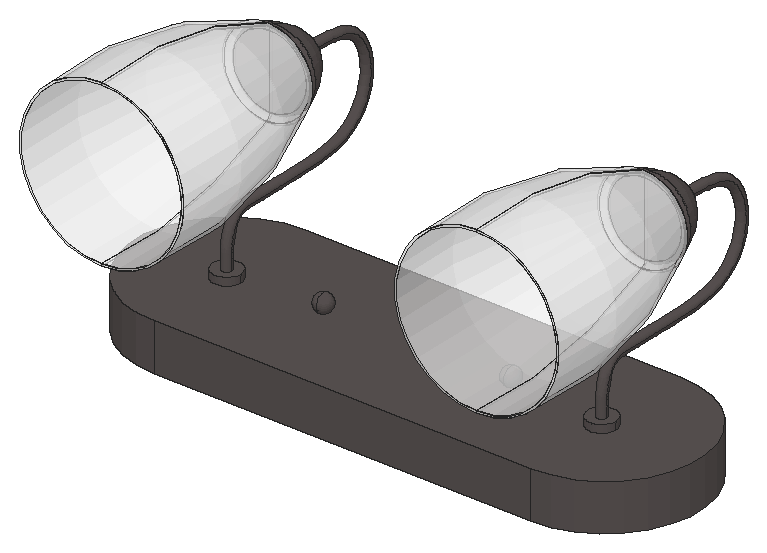
Revit family "P2707-20 2-100W MED BATH BRACKET", category Lighting Fixtures, host Face, Revit 2012
Parameters (values of type "P2707-20 2-100W MED BATH BRACKET")
  Wattage Comments = "13 W"  # constant formula
  URL = "http://www.progresslighting.com/"
  Product Page URL = "http://www.progresslighting.com/products.aspx?product=P2707-20"
  Product Documentation Link = "http://www.progresslighting.com/SpecSheets/P2707.pdf"
  Mounting = "Wall Mount"  # constant formula
  Model = "P2707-20"  # constant formula
  Manufacturer Phone = "864-678-1000"  # constant formula
  Manufacturer Fax = "864-678-1000"  # constant formula
  Manufacturer = "Progress Lighting"  # constant formula
  Lamp = "Two"  # constant formula
  Glass = Ethed Glass Shade
  Description = "Two-light bath"  # constant formula
  Default Elevation = 48"
  Back Plate = Painted Antique Bronze
Reference planes (in)
  plane 1 "Center (Front/Back)": y = 0
  plane 2: z = 0
  plane 3 "Center (Left/Right)": x = 0
  plane 4: x = -6
  plane 5: x = 6
  plane 6: y = 2
  plane 7: y = -1.992
  plane 8: z = 1
  plane 9: x = 2
Forms (in)
  Extrusion 1, solid, material "Painted Antique Bronze" <- "Back Plate"
    sketch origin (0, 0.53536, 0) x (1, 0, 0) y (0, 1, 0)
      loop
        arc (-4.00504, 1.46464) -> (-6.00104, -0.53136) -> (-4.00504, -2.52735) r 1.996
        line (-4.00504, -2.52735) -> (4.00561, -2.52735)
        arc (4.00561, -2.52735) -> (6.00161, -0.53136) -> (4.00561, 1.46464) r 1.996
        line (4.00561, 1.46464) -> (-4.00504, 1.46464)
    from 0 to 1
  Revolve 2, solid, material "Painted Antique Bronze" <- "Back Plate"
    sketch origin (2, 5.41297, 48) x (0, 1, 0) y (0, 0, 1)
      loop
        arc (-5.41297, -47) -> (-5.22547, -46.8125) -> (-5.41297, -46.625) r 0.1875
        line (-5.41297, -46.625) -> (-5.41297, -47)
      axis (-5.41297, -46.625) -> (-5.41297, -47)
    angle from 0 to 360
  Revolve 3, solid, material "Painted Antique Bronze" <- "Back Plate"
    sketch origin (-2, 5.41297, 48) x (0, 1, 0) y (0, 0, -1)
      loop
        line (-5.41297, 47) -> (-5.41297, 46.625)
        arc (-5.41297, 46.625) -> (-5.22547, 46.8125) -> (-5.41297, 47) r 0.1875
      axis (-5.41297, 46.625) -> (-5.41297, 47)
    angle from 0 to 360
Dimensions and locks (in)
  locked: plane 4 to plane 3 "Center (Left/Right)" at 6
  locked: plane 5 to plane 3 "Center (Left/Right)" at 6
  plane 6 to plane 1 "Center (Front/Back)" = 2"
  plane 4 to plane 3 "Center (Left/Right)" = 6"
  locked: plane 8 to plane 2 at 1
  Extrusion 1 sketch curve to plane 4 = 1.99496"
  Extrusion 1 sketch curve to plane 1 "Center (Front/Back)" = 2"
  Extrusion 1 sketch curve to Extrusion 1 sketch curve = 8.01065"  (x2)
  plane 7 to Extrusion 1 sketch curve = 3.992"
  locked: plane 1 "Center (Front/Back)" to Extrusion 1 at 2  (x2)
  locked: nested 1 to plane 3 "Center (Left/Right)" at 4  (x3)
  locked: nested 2 to plane 5 at 2  (x3)
  locked: nested 1 to plane 4 at 2
  plane 5 to nested 2 = 2"
  plane 1 "Center (Front/Back)" to Extrusion 1 = 2"
  locked: plane 6 to Extrusion 1 sketch curve at 3.992
  plane 1 "Center (Front/Back)" to nested 2 = 0"
  locked: plane 1 "Center (Front/Back)" to nested 1 at 0
  nested 1 to plane 1 "Center (Front/Back)" = 0"
  nested 2 to plane 1 "Center (Front/Back)" = 0"
  radius of Extrusion 1 sketch curve = 1.996"  (x2)
  aligned and locked: plane 2 to host face
  aligned and locked: level to host face
  aligned and locked: plane 8 to Extrusion 1
  aligned and locked: Extrusion 1 to host face
  aligned and locked: plane 6 to Extrusion 1 sketch curve
  aligned and locked: plane 7 to Extrusion 1 sketch curve
  aligned and locked: plane 1 "Center (Front/Back)" to Revolve 2 sketch curve
Nested families (in)
  nested 1: "P2706" at (-4, 0, 1), type "P2706"
  nested 2: "P2706" at (4, 0, 1), type "P2706"
Connectors (in)
  electrical at (0, 0.53536, 0)
    settings: on Extrusion 1, index 1, voltage 0 V, apparent load 0 VA, apparent load phase1 0 VA, apparent load phase2 0 VA, apparent load phase3 0 VA, power factor 1, load classification "Other", number of poles 1, system type 31, power factor state 1, is connector primary yes, connector utility no, sub classification motor no, connector description ""
Definition of nested family "P2706"
  Parameters (values of type "P2706")
    Wattage = 9.2903 W
    built-in parameter 1150110 = 1 (stored number, unit not read)
    built-in parameter 1114217 = 1 (stored number, unit not read)
    built-in parameter 1150109 = 1 (stored number, unit not read)
    built-in parameter 1150134 = 3
    built-in parameter 1150113 = 1 (stored number, unit not read)
    built-in parameter 1150105 = 109.82 (stored number, unit not read)
    Lumens = 1380 lm
    built-in parameter 1150115 = 1 (stored number, unit not read)
    Light Source Symbol Size = 3"
    built-in parameter 1150137 = (empty or 0)
    built-in parameter 1150139 = (empty or 0)
    built-in parameter 1150112 = 1 (stored number, unit not read)
    built-in parameter 1150114 = 1 (stored number, unit not read)
    built-in parameter 1150132 = (empty or 0)
    built-in parameter 1150102 = (empty or 0)
    built-in parameter 1150107 = 3200 (stored number, unit not read)
    built-in parameter 1150138 = (empty or 0)
    built-in parameter 1150106 = 1.0982 (stored number, unit not read)
    Glass = Ethed Glass Shade
    built-in parameter 1150104 = 13.8 (stored number, unit not read)
    Dimming Lamp Color Temperature Shift = (empty or 0)
    Default Elevation = 48"
    Color Filter = 16777215
    built-in parameter 1114218 = 1 (stored number, unit not read)
    Back Plate = none
    built-in parameter 1150133 = 10 (stored number, unit not read)
  Reference planes (in)
    plane 1 "Center (Front/Back)": y = 0
    plane 2: z = -1.32579
    plane 3 "Center (Left/Right)": x = 0
    plane 4: z = -1.16191
    plane 5: y = 3.76589
    plane 6: y = -3.40892
    plane 7: z = 1.83809
    plane 8: y = 1.12807
    plane 9: y = 2.16225
    plane 10: z = 3.42421
    plane 11: y = 1.12806
  Forms (in)
    Extrusion 1, solid
      sketch origin (0, 0, 0) x (1, 0, 0) y (0, 1, 0)
        loop
          line (-48, 48) -> (-48, -48) -> (48, -48) -> (48, 48) -> (-48, 48)
      from -1.32579 to -12
    Extrusion 2, solid, material <- "Back Plate"
      sketch origin (0, -0.07723, 0) x (1, 0, 0) y (0, 1, 0)
        loop
          circle (0, 0) r 0.3
      from 0 to 0.16387
    Sweep 3, solid, material <- "Back Plate"
      path origin (0, -0.14985, 0) x (0, 1, 0) y (0, 0, 1)
        loop
          spline (0.07723, 0.16387) -> (0.12227, 0.8063) -> (0.42203, 1.18236) -> (0.93815, 1.20243) -> (1.57964, 1.20057) -> (2.26292, 1.20445) -> (2.90209, 1.27415) -> (3.40998, 1.5116) -> (3.72177, 1.93858) -> (3.79317, 2.49977) -> (3.57517, 3.05499) -> (3.01801, 3.36087) -> (2.2598, 3.42421)
      profile origin (0, 2.75223, 1.27415) x (0, -0.228186, 0.973617) y (1, 0, 0)
        loop
          circle (0, 0.00052) r 0.10287
    Revolve 4, solid, material "Ethed Glass Shade" <- "Glass"
      sketch origin (0, 0.27754, -1.32579) x (0, 1, 0) y (0, 0, 1)
        loop
          arc (-3.68646, 2.99276) -> (-1.41456, 3.07105) -> (0.74175, 3.79073) r 7.92917
          arc (0.74175, 3.79073) -> (0.82115, 3.86355) -> (0.85053, 3.96719) r 0.19752
          line (0.85053, 3.96719) -> (0.85053, 4.75) -> (0.80053, 4.75) -> (0.80053, 3.96826)
          arc (0.80053, 3.96826) -> (0.77833, 3.88993) -> (0.71832, 3.83491) r 0.14926
          arc (0.71832, 3.83491) -> (-1.42667, 3.11967) -> (-3.68646, 3.04306) r 7.87917
          line (-3.68646, 3.04306) -> (-3.68646, 2.99276)
        axis (0.85053, 4.75) -> (-3.68646, 4.75)
      angle from 0 to 360
    Revolve 5, solid, material <- "Back Plate"
      sketch origin (0, 0.26165, 0) x (0, 1, 0) y (0, 0, 1)
        loop
          line (1.9006, 3.42421) -> (0.86641, 3.42421) -> (0.86641, 2.59003) -> (0.97372, 2.571)
          arc (0.97372, 2.571) -> (1.47824, 2.84497) -> (1.86429, 3.2699) r 1.71757
          arc (1.86429, 3.2699) -> (1.89041, 3.28636) -> (1.9006, 3.3155) r 0.04679
          line (1.9006, 3.3155) -> (1.9006, 3.42421)
        axis (1.9006, 3.42421) -> (0.86641, 3.42421)
      angle from 0 to 360
  Lines and regions (in)
    model lines
      curve 1: line (0, 2.16225, 3.42463) -> (0, 2.16225, 3.3155)
      curve 2: arc (0, 2.16225, 3.3155) -> (0, 2.15206, 3.28636) -> (0, 2.12594, 3.2699) r 0.04679
      curve 3: arc (0, 2.12594, 3.2699) -> (0, 1.72041, 2.8299) -> (0, 1.18854, 2.55573) r 1.71757
      curve 4: arc (0, 2.0956, 3.3155) -> (0, 1.69212, 2.87122) -> (0, 1.15749, 2.59854) r 1.66757
      curve 5: line (0, 2.0956, 3.3155) -> (0, 2.0956, 3.42463)
      curve 6: line (0, 2.0956, 3.42463) -> (0, 2.16225, 3.42463)
  Dimensions and locks (in)
    plane 4 to plane 2 = 0.16387"
    locked: plane 4 to plane 7 at 3
    plane 5 to plane 1 "Center (Front/Back)" = 3.76589"
    locked: Extrusion 1 to plane 4 at 0.16387
    plane 6 to curve 5 = 5.50451"
    radius of Extrusion 2 sketch curve = 0.3"
    aligned and locked: plane 2 to Extrusion 1
    aligned and locked: Extrusion 2 to level
    aligned and locked: plane 3 "Center (Left/Right)" to imposter light
    aligned and locked: plane 8 to Revolve 4 sketch curve
    aligned and locked: plane 10 to Sweep 3
    aligned and locked: Revolve 5 sketch curve to curve 3
    aligned and locked: Revolve 5 sketch curve to curve 2
    aligned and locked: Revolve 5 sketch curve to curve 1
    aligned and locked: plane 10 to Revolve 5 sketch curve
    aligned and locked: plane 11 to Revolve 5 sketch curve
    aligned and locked: Revolve 5 sketch curve to Revolve 5 sketch curve
    aligned and locked: plane 10 to Sweep 3 sketch curve
    aligned and locked: plane 6 to Revolve 4 sketch curve
    aligned and locked: imposter light to plane 10
